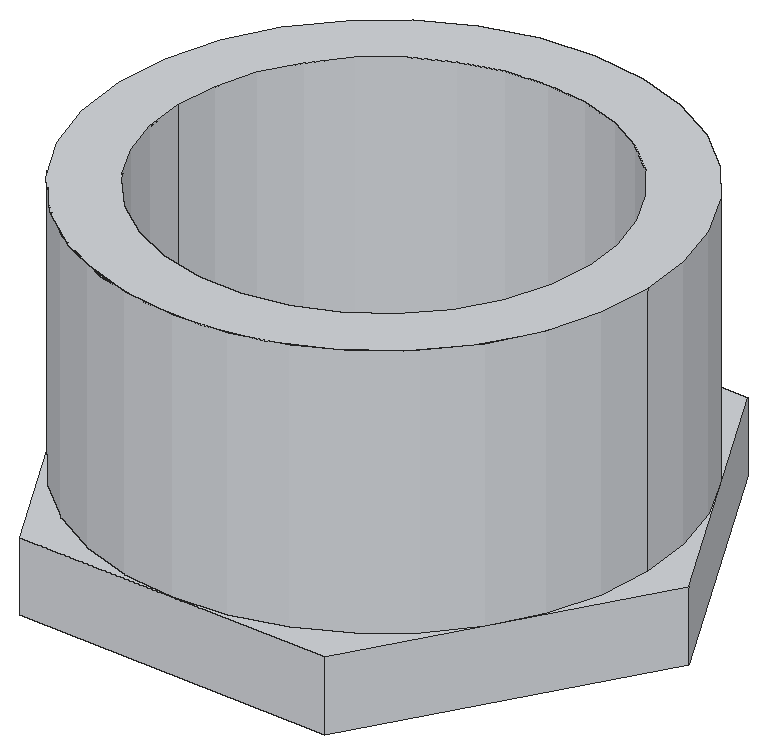
Revit family "MBBS1", category Generic Models, Revit 2017
Family settings
  Can host rebar = No
  Round Connector Dimension = Use Diameter
  Part Type = Normal
  Work Plane-Based = Yes
  Always vertical = No
  Cut with Voids When Loaded = No
  Shared = No
  Room Calculation Point = No
Parameters (values of type "NBS Standard Parameters")
  Weight = "0.0087Kg"
  WarrantyStartDate [instance] = "1900-12-31T23:59:59"
  WarrantyGuarantorParts = "n/a"
  WarrantyGuarantorLabor = "n/a"
  WarrantyDurationUnit = "1 year"
  WarrantyDurationParts = "1 year"
  WarrantyDurationLabor = "n/a"
  WarrantyDescription = "n/a"
  Version = "1"
  Uniclass2 = "Pr_65_70_11_20"
  TagNumber [instance] = "n/a"
  SustainabilityPerformance = "n/a"
  Size = "20mm"
  Shape = "Circular"
  SerialNumber [instance] = "n/a"
  Revision = "n/a"
  ReplacementCost = "n/a"
  ProductInformation = "www.metpro.co.uk/pdf/mbbs1.pdf"
  NominalWidth = 20.8 mm
  NominalLength = 20.8 mm
  NominalHeight = 12.8 mm
  Name = ""
  NBSTypeID = ""
  NBSReference = "90-55-10/460"
  NBSOfficeMasterTag = ""
  NBSNote = ""
  NBSDescription = "Conduit Fittings"
  NBSCertification = ""
  ModelReference = "MBBS1"
  ModelNumber = "n/a"
  Material = "Brass"
  ManufacturerURL = "www.metpro.co.ulk"
  ManufacturerName = "Metpro Ltd"
  InstallationDate [instance] = "1900-12-31T23:59:59"
  IfcExportType = ""
  IfcExportAs = ""
  Grade = "n/a"
  Finish = "Self Colour"
  Features = "n/a"
  ExpectedLife = "n/a"
  DurationUnit = "year"
  Description = "MBBS1 - 20mm Male Brass Bush  - Short"
  Default Elevation = 1219.2 mm
  Constituents = "n/a"
  Color = "n/a"
  CodePerformance = "n/a"
  Category = "n/a"
  BarCode [instance] = "n/a"
  BIMObjectName = "Metpro_metprolibrary_conduitfitting_metalcomponent_brassaccessories"
  Author = "Metpro Ltd"
  AssetType = "Fixed"
  AssetIdentifier [instance] = "n/a"
  AccessibilityPerformance = "n/a"
Reference planes
  plane 1 "Center (Front/Back)": y = 0
  plane 2: z = 0
  plane 3 "Center (Left/Right)": x = 0
Forms (mm)
  Extrusion 1, solid
    sketch origin (0, 0, 0) x (1, 0, 0) y (0, 1, 0)
      loop
        circle (8.689, 13.293) r 8.125
      loop
        line (2.657, 23.741) -> (-3.376, 13.293) -> (2.657, 2.845) -> (14.721, 2.845) -> (20.753, 13.293) -> (14.721, 23.741) -> (2.657, 23.741)
    from 0 to 2.75
  Extrusion 2, solid
    sketch origin (0, 0, 2.75) x (1, 0, 0) y (0, 1, 0)
      loop
        circle (8.689, 13.293) r 8.125
      loop
        circle (8.689, 13.293) r 10.448
    from 0 to 10
Dimensions and locks
  aligned and locked: level to plane 2
